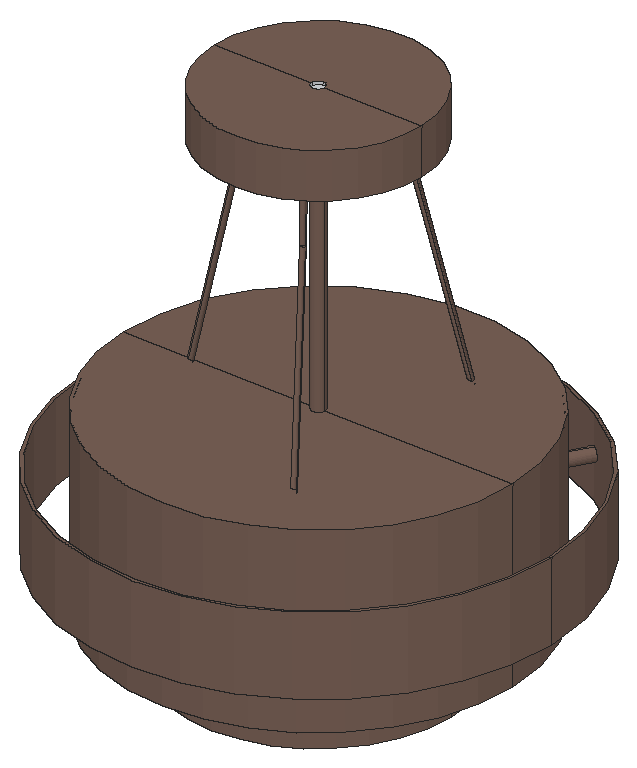
Revit family "SA118 FIXTURE", category Lighting Fixtures, Revit 2024
Family settings
  Round Connector Dimension = Use Diameter
  Part Type = Normal
  OmniClass Number = 23.80.70.00
  OmniClass Title = Lighting
  Work Plane-Based = No
  Always vertical = Yes
  Cut with Voids When Loaded = No
  Light Source = No
  Maintain Annotation Orientation = No
  Shared = No
  Room Calculation Point = No
Parameters
  Default Elevation = 0' - 0"
Reference planes (in)
  plane 1 "Light Source Axis (F/B)": y = 0
  plane 2: z = 0
  plane 3 "Light Source Axis (L/R)": x = 0
  plane 4 "Light Source Elevation": z = 54
Forms (in)
  Revolve 1, solid
    sketch origin (0, 0, 0) x (1, 0, 0) y (0, 0, 1)
      loop
        line (-0.25, 70.125) -> (-4, 70.125) -> (-4, 68.375) -> (-0.28125, 68.375) -> (-0.28125, 68.31696) -> (-0.24793, 68.31696) -> (-0.24793, 59) -> (-7.5, 59) -> (-7.5, 52) -> (-5.125, 52) -> (-5.125, 50.125) -> (-4.375, 50.125) -> (-4.375, 50.21875) -> (-5.03125, 50.21875) -> (-5.03125, 52.09375) -> (-7.40625, 52.09375) -> (-7.40625, 58.90625) -> (0, 58.90625) -> (0, 68.46875) -> (-3.90625, 68.46875) -> (-3.90625, 70.03125) -> (-0.25, 70.03125) -> (-0.25, 70.125)
      axis (0, 70.125) -> (0, 50.125)
    angle from 0 to 360
  Revolve 2, solid
    sketch origin (0, 0, 0) x (1, 0, 0) y (0, 0, 1)
      loop
        line (-9, 57) -> (-9, 54) -> (-8.90625, 54) -> (-8.90625, 57) -> (-9, 57)
      loop
        line (-5.03125, 50.21875) -> (0, 50.21875) -> (0, 50.34375) -> (-5.03125, 50.34375) -> (-5.03125, 50.21875)
      axis (0, 57) -> (0, 50.21875)
    angle from 0 to 360
  Sweep 3, solid
    path origin (0, 0, 0) x (1, 0, 0) y (0, 0, 1)
      loop
        line (-2.84379, 68.375) -> (-2.93162, 66.38999)
        arc (-2.93162, 66.38999) -> (-2.93672, 66.33756) -> (-2.94731, 66.28595) r 0.5
        line (-2.94731, 66.28595) -> (-4.95434, 58.0263)
    profile origin (-2.88771, 0, 67.38249) x (0.999023, 0, -0.044204) y (0, -1, 0)
      loop
        circle (-0.18697, 0) r 0.09375
  Revolve 4, solid
    sketch origin (0, 0, 0) x (1, 0, 0) y (0, 0, 1)
      loop
        line (-7.35011, 55.59298) -> (-7.35011, 55.84298) -> (-8.91022, 55.84298) -> (-8.91022, 55.59298) -> (-7.35011, 55.59298)
      axis (-7.35011, 55.59298) -> (-8.91022, 55.59298)
    angle from 0 to 360
  Sweep 5, solid
    path origin (0, 0, 0) x (-0.5, -0.866025, 0) y (0, 0, 1)
      loop
        line (-2.84379, 68.375) -> (-2.93162, 66.38999)
        arc (-2.93162, 66.38999) -> (-2.93672, 66.33756) -> (-2.94731, 66.28595) r 0.5
        line (-2.94731, 66.28595) -> (-4.95434, 58.0263)
    profile origin (1.44385, 2.50083, 67.38249) x (-0.499511, -0.865179, -0.044204) y (-0.866025, 0.5, 0)
      loop
        circle (-0.18697, 0) r 0.09375
  Revolve 6, solid
    sketch origin (0, 0, 0) x (-0.5, -0.866025, 0) y (0, 0, 1)
      loop
        line (-7.35011, 55.59298) -> (-7.35011, 55.84298) -> (-8.91022, 55.84298) -> (-8.91022, 55.59298) -> (-7.35011, 55.59298)
      axis (-7.35011, 55.59298) -> (-8.91022, 55.59298)
    angle from 0 to 360
  Sweep 7, solid
    path origin (0, 0, 0) x (-0.5, 0.866025, 0) y (0, 0, 1)
      loop
        line (-2.84379, 68.375) -> (-2.93162, 66.38999)
        arc (-2.93162, 66.38999) -> (-2.93672, 66.33756) -> (-2.94731, 66.28595) r 0.5
        line (-2.94731, 66.28595) -> (-4.95434, 58.0263)
    profile origin (1.44385, -2.50083, 67.38249) x (-0.499511, 0.865179, -0.044204) y (0.866025, 0.5, 0)
      loop
        circle (-0.18697, 0) r 0.09375
  Revolve 8, solid
    sketch origin (0, 0, 0) x (-0.5, 0.866025, 0) y (0, 0, 1)
      loop
        line (-7.35011, 55.59298) -> (-7.35011, 55.84298) -> (-8.91022, 55.84298) -> (-8.91022, 55.59298) -> (-7.35011, 55.59298)
      axis (-7.35011, 55.59298) -> (-8.91022, 55.59298)
    angle from 0 to 360
Dimensions and locks (in)
  aligned and locked: level to plane 2
